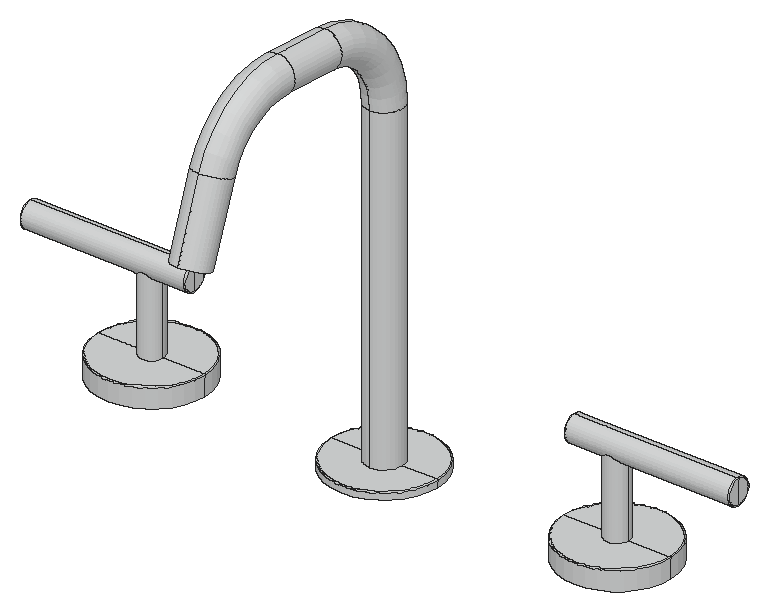
Revit family "TapSet_Basin_Nero_Mecca_Edge", category Plumbing Fixtures, Revit 2022
Family settings
  Round Connector Dimension = Use Diameter
  Part Type = Normal
  OmniClass Number = 23.31.11.19
  OmniClass Title = Faucet Mixing Valves
  Work Plane-Based = No
  Always vertical = Yes
  Cut with Voids When Loaded = Yes
  Maintain Annotation Orientation = No
  Shared = No
  Room Calculation Point = No
Parameters (values of type "Chrome (25D001CH)")
  Waste Connection = no
  WFU = 0
  Vent Connection = no
  Uniclass2015Version = "Products v1.35"
  Uniclass2015Title = "Taps and water supply outlet fittings"
  Uniclass2015Code = "Pr_40_20_87"
  URL = "https://nerotapware.com.au/"
  Type Comments = "Tap Set - Basin - Edge - Chrome"
  ModifiedIssue = 20251009
  Model = "25D001CH"
  Material = Metal_Chrome_Nero
  ManufacturerURLProductSpecific = ""
  ManufacturerSpecCode = Model  # "25D001CH"
  ManufacturerOverallWidth = 396 mm  # constant formula
  ManufacturerOverallHeight = 240 mm  # constant formula
  ManufacturerOverallDepth = 175 mm  # constant formula
  Manufacturer = "Nero"
  IfcExportType = "MIXING"
  IfcExportAs = "IfcValve"
  HWFU = 0
  HW Connection = yes
  Description = "Mecca Basin Set Edge Spout Chrome"
  Default Elevation = 900 mm
  CreatedByURL = "https://igsgroup.com.au"
  CreatedBy = "IGS BIM Solutions"  # constant formula
  CWFU = 0
  CW Connection = yes
  Assembly Code = "D2010"
Types (7, lengths in mm): name | Type Comments | Model | Material | ManufacturerSpecCode | Description
  Chrome (25D001CH) | "Tap Set - Basin - Edge - Chrome" | "25D001CH" | Metal_Chrome_Nero | "25D001CH" | "Mecca Basin Set Edge Spout Chrome"
  Matte Black (25D001MB) | "Tap Set - Basin - Edge - Matte Black" | "25D001MB" | Metal_MatteBlack_Nero | "25D001MB" | "Mecca Basin Set Edge Spout Matte Black"
  Brushed Nickel (25D001BN) | "Tap Set - Basin - Edge - Brushed Nickel" | "25D001BN" | Metal_Nickel_Nero_Brushed | "25D001BN" | "Mecca Basin Set Edge Spout Brushed Nickel"
  Gun Metal (25D001GM) | "Tap Set - Basin - Edge - Gun Metal" | "25D001GM" | Metal_GunMetal_Nero | "25D001GM" | "Mecca Basin Set Edge Spout Gun Metal"
  Brushed Gold (25D001BG) | "Tap Set - Basin - Edge - Brushed Gold" | "25D001BG" | Metal_Gold_Nero_Brushed | "25D001BG" | "Mecca Basin Set Edge Spout Brushed Gold"
  Brushed Bronze (25D001BZ) | "Tap Set - Basin - Edge - Brushed Bronze" | "25D001BZ" | Metal_Bronze_Nero_Brushed | "25D001BZ" | "Mecca Basin Set Edge Spout Brushed Bronze"
  Matte White (25D001MW) | "Tap Set - Basin - Edge - Matte White" | "25D001MW" | Metal_MatteWhite_Nero | "25D001MW" | "Mecca Basin Set Edge Spout Matte White"
Reference planes
  plane 1 "Bottom": z = 0
  plane 2 "Center (Left/Right)": x = 0.115
  plane 3 "Ref. Level": z = 0
  plane 4 "Top": z = 240
  plane 5 "Right": x = 198.115
  plane 6 "Left": x = -197.885
  plane 7 "SpoutCenter (Front/Back)": y = 70.962
  plane 8 "Front": y = -74.038
  plane 9 "Back": y = 100.962
Forms (mm)
  Extrusion 1, solid, material "Metal_Chrome_Nero" <- "Material"
    sketch origin (-635.853, 1255.962, 0) x (-1, 0, 0) y (0, -1, 0)
      loop
        circle (-505.968, 1185) r 6.35
      loop
        circle (-766.181, 1185) r 6.35
    from 0 to -1
  Revolve 2, solid, material "Metal_Chrome_Nero" <- "Material"
    sketch origin (-129.77, 70.962, 70.962) x (0, 0, -1) y (1, 0, 0)
      loop
        line (70.962, 99.999) -> (70.962, 129.885) -> (66.962, 129.885) -> (66.962, 100.499)
        arc (66.962, 100.499) -> (67.109, 100.145) -> (67.462, 99.999) r 0.5
        line (67.462, 99.999) -> (70.962, 99.999)
      axis (66.962, 129.885) -> (70.962, 129.885)
    angle from 0 to 360
  Sweep 3, solid, material "Metal_Chrome_Nero" <- "Material"
    path origin (0.115, 118.462, -14.038) x (0, 0, -1) y (0, -1, 0)
      loop
        line (-14.038, 47.5) -> (-196.608, 47.5)
        arc (-196.608, 47.5) -> (-227.449, 59.731) -> (-241.525, 89.775) r 45
        line (-241.525, 89.775) -> (-243.517, 122.606)
        arc (-243.517, 122.606) -> (-236.269, 149.949) -> (-214.136, 167.564) r 45
        line (-214.136, 167.564) -> (-173.528, 182.503)
    profile origin (0.115, 70.962, 91.285) x (0, 1, 0) y (-1, 0, 0)
      loop
        circle (0, 0) r 10
  Extrusion 4, void
    sketch origin (636.51, -1114.038, 0) x (1, 0, 0) y (0, 1, 0)
      loop
        circle (-766.395, 1185) r 15
      loop
        circle (-506.181, 1185) r 15
    from 0 to -40
  Revolve 5, solid, material "Metal_Chrome_Nero" <- "Material"
    sketch origin (0, 70.962, 70.962) x (0, 0, -1) y (1, 0, 0)
      loop
        line (70.962, -99.885) -> (60.462, -99.885)
        arc (60.462, -99.885) -> (60.109, -100.031) -> (59.962, -100.385) r 0.5
        line (59.962, -100.385) -> (59.962, -123.385) -> (13.962, -123.385) -> (13.962, -129.885) -> (70.962, -129.885) -> (70.962, -99.885)
      axis (13.962, -129.885) -> (70.962, -129.885)
    angle from 0 to 360
  Revolve 6, solid, material "Metal_Chrome_Nero" <- "Material"
    sketch origin (0, 70.962, 70.962) x (0, 0, -1) y (1, 0, 0)
      loop
        line (13.962, -105.885) -> (13.962, -197.885) -> (20.462, -197.885)
        arc (20.462, -197.885) -> (20.816, -197.739) -> (20.962, -197.385) r 0.5
        line (20.962, -197.385) -> (20.962, -106.385)
        arc (20.962, -106.385) -> (20.816, -106.031) -> (20.462, -105.885) r 0.5
        line (20.462, -105.885) -> (13.962, -105.885)
      axis (13.962, -105.885) -> (13.962, -197.885)
    angle from 0 to 360
  Revolve 7, solid, material "Metal_Chrome_Nero" <- "Material"
    sketch origin (0.23, 70.962, 70.962) x (0, 0, -1) y (1, 0, 0)
      loop
        line (70.962, 99.885) -> (70.962, 129.885) -> (13.962, 129.885) -> (13.962, 123.385) -> (59.962, 123.385) -> (59.962, 100.385)
        arc (59.962, 100.385) -> (60.109, 100.031) -> (60.462, 99.885) r 0.5
        line (60.462, 99.885) -> (70.962, 99.885)
      axis (13.962, 129.885) -> (70.962, 129.885)
    angle from 0 to 360
  Revolve 8, solid, material "Metal_Chrome_Nero" <- "Material"
    sketch origin (0.23, 70.962, 70.962) x (0, 0, -1) y (1, 0, 0)
      loop
        line (13.962, 105.885) -> (20.462, 105.885)
        arc (20.462, 105.885) -> (20.816, 106.031) -> (20.962, 106.385) r 0.5
        line (20.962, 106.385) -> (20.962, 197.385)
        arc (20.962, 197.385) -> (20.816, 197.739) -> (20.462, 197.885) r 0.5
        line (20.462, 197.885) -> (13.962, 197.885) -> (13.962, 105.885)
      axis (13.962, 105.885) -> (13.962, 197.885)
    angle from 0 to 360
Cuts and joins
  joined: Revolve 2, Sweep 3
  joined: Revolve 5, Revolve 6
  joined: Revolve 7, Revolve 8
Lines and regions (mm)
  Masking region 1
    outline origin (0, 0, 240) x (0, 1, 0) y (-1, 0, 0)
      loop
        arc (-63.426, 9.885) -> (-73.426, -0.115) -> (-63.426, -10.115) r 10
        line (-63.426, -10.115) -> (42.678, -10.115)
        arc (42.678, -10.115) -> (100.962, -0.115) -> (42.678, 9.885) r 30
        line (42.678, 9.885) -> (-63.426, 9.885)
      loop
        arc (77.962, 197.385) -> (77.816, 197.739) -> (77.462, 197.885) r 0.5
        line (77.462, 197.885) -> (64.462, 197.885)
        arc (64.462, 197.885) -> (64.109, 197.739) -> (63.962, 197.385) r 0.5
        line (63.962, 197.385) -> (63.962, 159.057)
        arc (63.962, 159.057) -> (70.962, 99.885) -> (77.962, 159.057) r 30
        line (77.962, 159.057) -> (77.962, 197.385)
      loop
        line (77.962, -197.615) -> (77.962, -159.287)
        arc (77.962, -159.287) -> (70.962, -100.115) -> (63.962, -159.287) r 30
        line (63.962, -159.287) -> (63.962, -197.615)
        arc (63.962, -197.615) -> (64.109, -197.969) -> (64.462, -198.115) r 0.5
        line (64.462, -198.115) -> (77.462, -198.115)
        arc (77.462, -198.115) -> (77.816, -197.969) -> (77.962, -197.615) r 0.5
  symbolic lines, style "Taps/Mixers", detail levels medium+fine
    curve 1: arc (10.115, 70.962, 240) -> (0.115, 80.962, 240) -> (-9.885, 70.962, 240) r 10
    curve 2: line (-9.885, 42.678, 240) -> (-9.885, 70.962, 240)
    curve 3: line (10.115, 42.678, 240) -> (10.115, 70.962, 240)
    curve 4: line (106.615, 77.962, 240) -> (159.287, 77.962, 240)
    curve 5: line (106.115, 64.462, 240) -> (106.115, 77.462, 240)
    curve 6: arc (106.115, 77.462, 240) -> (106.261, 77.816, 240) -> (106.615, 77.962, 240) r 0.5
    curve 7: line (106.615, 63.962, 240) -> (159.287, 63.962, 240)
    curve 8: arc (106.115, 64.462, 240) -> (106.261, 64.109, 240) -> (106.615, 63.962, 240) r 0.5
    curve 9: line (-106.385, 77.962, 240) -> (-159.057, 77.962, 240)
    curve 10: line (-105.885, 64.462, 240) -> (-105.885, 77.462, 240)
    curve 11: arc (-105.885, 77.462, 240) -> (-106.031, 77.816, 240) -> (-106.385, 77.962, 240) r 0.5
    curve 12: line (-106.385, 63.962, 240) -> (-159.057, 63.962, 240)
    curve 13: arc (-105.885, 64.462, 240) -> (-106.031, 64.109, 240) -> (-106.385, 63.962, 240) r 0.5
Text (mm)
  text "Disclaimer:\nDue to ongoing product development and manufacturing evolution, product details are subject to change without notice. Please refer to product technical data sheets on the manufacturers website for the most current product information. Please allow a +/- 5mm manufacturing tolerance for dimensions and set-outs shown in product literature." at (347.32, 148.915, 0), in view "Ref. Level"
Dimensions and locks
  "ManufacturerOverallHeight": plane 4 "Top" to plane 1 "Bottom"
  equal spacing: plane 6 "Left", plane 2 "Center (Left/Right)", plane 5 "Right"
  "ManufacturerOverallWidth": plane 6 "Left" to plane 5 "Right"
  "ManufacturerOverallDepth": plane 8 "Front" to plane 9 "Back"
  locked: plane 9 "Back" to plane 7 "SpoutCenter (Front/Back)" at 30
Automatic sketch dimensions
  Revolve 2 sketch curve to plane 2 "Center (Left/Right)" = 0 mm  (x2)
  Revolve 2 sketch curve to level = 0 mm
  Revolve 2 sketch curve to Revolve 2 sketch curve = 3.5 mm
  Revolve 2 sketch curve to Revolve 2 sketch curve = 4 mm
  Revolve 2 sketch curve to plane 2 "Center (Left/Right)" = 29.386 mm
  Revolve 2 sketch curve to Revolve 2 sketch curve = 14.414 mm
  Revolve 2 sketch curve to level = 1.586 mm
  Sweep 3 sketch curve to plane 7 "SpoutCenter (Front/Back)" = 0 mm
  Sweep 3 sketch curve to level = 0 mm
  Sweep 3 sketch curve to plane 4 "Top" = 57.43 mm
  Sweep 3 sketch curve to Sweep 3 sketch curve = 1.992 mm
  Sweep 3 sketch curve to plane 4 "Top" = 39.902 mm
  Sweep 3 sketch curve to plane 4 "Top" = 12.512 mm
  Sweep 3 sketch curve to plane 4 "Top" = 10.521 mm
  plane 7 "SpoutCenter (Front/Back)" to Sweep 3 sketch curve = 42.275 mm
  Sweep 3 sketch curve to Sweep 3 sketch curve = 32.831 mm  (x2)
  Sweep 3 sketch curve to Sweep 3 sketch curve = 40.608 mm
  Sweep 3 sketch curve to Sweep 3 sketch curve = 14.938 mm
  profile plane to Sweep 3 sketch curve = 0 mm
  Sweep 3 sketch curve to profile plane = 0 mm
  plane 7 "SpoutCenter (Front/Back)" to Extrusion 4 sketch curve = 0 mm  (x2)
  Extrusion 4 sketch curve to plane 6 "Left" = 68 mm
  Extrusion 4 sketch curve to plane 5 "Right" = 67.786 mm
  Masking region 1 sketch curve to plane 2 "Center (Left/Right)" = 0 mm  (x2)
  plane 7 "SpoutCenter (Front/Back)" to Masking region 1 sketch curve = 0 mm  (x3)
  plane 2 "Center (Left/Right)" to Masking region 1 sketch curve = 10 mm
  plane 7 "SpoutCenter (Front/Back)" to Masking region 1 sketch curve = 28.284 mm
  Masking region 1 sketch curve to plane 8 "Front" = 10.612 mm
  plane 7 "SpoutCenter (Front/Back)" to Extrusion 1 sketch curve = 0 mm  (x2)
  Extrusion 1 sketch curve to plane 5 "Right" = 67.786 mm
  Extrusion 1 sketch curve to plane 6 "Left" = 68 mm
  Revolve 5 sketch curve to level = 0 mm
  level to Revolve 5 sketch curve = 10.5 mm
  Revolve 5 sketch curve to Revolve 5 sketch curve = 0.5 mm
  Revolve 5 sketch curve to Revolve 5 sketch curve = 46 mm
  Revolve 5 sketch curve to plane 6 "Left" = 68 mm
  Revolve 5 sketch curve to Revolve 5 sketch curve = 6.5 mm
  Revolve 5 sketch curve to Revolve 5 sketch curve = 23 mm
  Revolve 5 sketch curve to Revolve 5 sketch curve = 7.414 mm
  Revolve 5 sketch curve to Revolve 5 sketch curve = 1.586 mm
  Revolve 5 sketch curve to Revolve 5 sketch curve = 0 mm
  plane 6 "Left" to Revolve 6 sketch curve = 0 mm
  level to Revolve 6 sketch curve = 57 mm
  Revolve 6 sketch curve to Revolve 6 sketch curve = 6.5 mm  (x2)
  Revolve 6 sketch curve to plane 6 "Left" = 0.5 mm
  Revolve 6 sketch curve to Revolve 6 sketch curve = 91 mm
  Revolve 6 sketch curve to Revolve 6 sketch curve = 0 mm
  Revolve 6 sketch curve to Revolve 6 sketch curve = 37.896 mm
  Revolve 6 sketch curve to Revolve 6 sketch curve = 0.115 mm
  Revolve 7 sketch curve to level = 0 mm
  level to Revolve 7 sketch curve = 10.5 mm
  Revolve 7 sketch curve to Revolve 7 sketch curve = 0.5 mm
  Revolve 7 sketch curve to Revolve 7 sketch curve = 46 mm
  Revolve 7 sketch curve to plane 5 "Right" = 98 mm
  Revolve 7 sketch curve to Revolve 7 sketch curve = 23 mm
  Revolve 7 sketch curve to Revolve 7 sketch curve = 6.5 mm
  Revolve 7 sketch curve to Revolve 7 sketch curve = 7.414 mm
  Revolve 7 sketch curve to Revolve 7 sketch curve = 1.586 mm
  Revolve 7 sketch curve to Revolve 7 sketch curve = 0 mm
  Revolve 8 sketch curve to plane 5 "Right" = 0 mm
  level to Revolve 8 sketch curve = 57 mm
  Revolve 8 sketch curve to Revolve 8 sketch curve = 6.5 mm  (x2)
  Revolve 8 sketch curve to plane 5 "Right" = 0.5 mm
  Revolve 8 sketch curve to Revolve 8 sketch curve = 91 mm
  Revolve 8 sketch curve to Revolve 8 sketch curve = 0 mm
  Revolve 8 sketch curve to Revolve 8 sketch curve = 37.896 mm
  Revolve 8 sketch curve to Revolve 8 sketch curve = 0.115 mm
  Masking region 1 sketch curve to plane 6 "Left" = 0 mm
  Masking region 1 sketch curve to plane 5 "Right" = 0 mm
  plane 7 "SpoutCenter (Front/Back)" to Masking region 1 sketch curve = 7 mm  (x2)
  Masking region 1 sketch curve to Masking region 1 sketch curve = 0.5 mm  (x2)
  Masking region 1 sketch curve to plane 6 "Left" = 0.5 mm
  Masking region 1 sketch curve to plane 7 "SpoutCenter (Front/Back)" = 6.5 mm  (x2)
  Masking region 1 sketch curve to plane 7 "SpoutCenter (Front/Back)" = 7 mm
  Masking region 1 sketch curve to Masking region 1 sketch curve = 38.328 mm
  Masking region 1 sketch curve to Masking region 1 sketch curve = 29.172 mm  (x2)
  Masking region 1 sketch curve to Masking region 1 sketch curve = 67.5 mm
  plane 7 "SpoutCenter (Front/Back)" to curve 3 = 0 mm
  curve 1 to plane 2 "Center (Left/Right)" = 0 mm
  plane 7 "SpoutCenter (Front/Back)" to curve 10 = 6.5 mm
  plane 7 "SpoutCenter (Front/Back)" to curve 8 = 6.5 mm
  curve 7 to curve 8 = 0.5 mm
  curve 12 to curve 13 = 0.5 mm
  curve 6 to plane 7 "SpoutCenter (Front/Back)" = 6.5 mm
  curve 10 to plane 7 "SpoutCenter (Front/Back)" = 6.5 mm
  curve 6 to curve 4 = 0.5 mm
  curve 11 to curve 9 = 0.5 mm
  plane 2 "Center (Left/Right)" to curve 3 = 10 mm
  curve 5 to plane 5 "Right" = 92 mm
  curve 10 to plane 6 "Left" = 92 mm
  plane 7 "SpoutCenter (Front/Back)" to curve 3 = 28.284 mm
  curve 2 to curve 3 = 0 mm
  curve 7 to plane 5 "Right" = 38.828 mm
  curve 4 to curve 7 = 0 mm
  curve 9 to plane 6 "Left" = 38.828 mm
  curve 12 to curve 9 = 0 mm
  radius of Sweep 3 sketch curve = 10 mm
  radius of Extrusion 4 sketch curve = 15 mm  (x2)
  radius of Extrusion 1 sketch curve = 6.35 mm  (x2)
Connectors
  piping at (-129.885, 70.962, -1), diameter 12.7, driven by "HW Connection"
    settings: on Extrusion 1, index 10, connector inside diameter 609.6 mm, connector length 0 mm, flow factor 0, pipe flow 0.0 L/s, pressure drop 0.0 Pa, fitting loss kfactor 0, connector angle 0.00°, fixture units 0, engagement length 0 mm, angle of deflection 0.00°, flow configuration 2, flow direction 1, fitting loss method 0, system type 19, joint type 0, gender type 0, connector reference index -1, connector utility 1, adjustable connector no, is connector primary yes, connector description ""
  piping at (-129.885, 70.962, -1), diameter 12.7, driven by "HW Connection"
    settings: on Extrusion 1, index 11, connector inside diameter 609.6 mm, connector length 0 mm, flow factor 0, pipe flow 0.0 L/s, pressure drop 0.0 Pa, fitting loss kfactor 0, connector angle 0.00°, fixture units 0, engagement length 0 mm, angle of deflection 0.00°, flow configuration 2, flow direction 1, fitting loss method 0, system type 19, joint type 0, gender type 0, connector reference index -1, connector utility 1, adjustable connector no, is connector primary no, connector description "Hot Water Supply"
  piping at (130.329, 70.962, -1), diameter 12.7, driven by "CW Connection"
    settings: on Extrusion 1, index 12, connector inside diameter 609.6 mm, connector length 0 mm, flow factor 0, pipe flow 0.0 L/s, pressure drop 0.0 Pa, fitting loss kfactor 0, connector angle 0.00°, fixture units 0, engagement length 0 mm, angle of deflection 0.00°, flow configuration 2, flow direction 1, fitting loss method 0, system type 20, joint type 0, gender type 0, connector reference index -1, connector utility 1, adjustable connector no, is connector primary no, connector description "Cold Water Supply"
